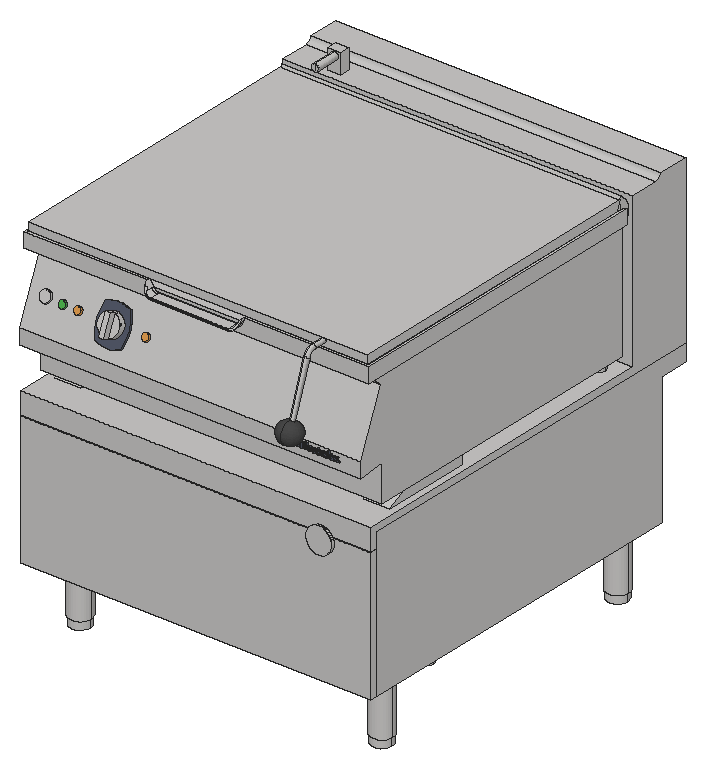
Revit family "QF_ELECTROLUXPROFESSIONAL_391146_E9BREHDOFM", category Specialty Equipment, Revit 2018 (continued)
Automatic sketch dimensions
  Extrusion 32 sketch curve to Extrusion 32 sketch curve = 2.692 mm
  Extrusion 32 sketch curve to Extrusion 32 sketch curve = 1.259 mm
  plane 16 to Extrusion 32 sketch curve = 8.718 mm
  Extrusion 32 sketch curve to Extrusion 32 sketch curve = 0.802 mm
  Extrusion 32 sketch curve to Extrusion 32 sketch curve = 1.024 mm  (x2)
  Extrusion 32 sketch curve to Extrusion 32 sketch curve = 0.682 mm
  Extrusion 32 sketch curve to Extrusion 32 sketch curve = 5.934 mm
  Extrusion 32 sketch curve to Extrusion 32 sketch curve = 2.186 mm
  Extrusion 32 sketch curve to Extrusion 32 sketch curve = 0.337 mm
  Extrusion 32 sketch curve to Extrusion 32 sketch curve = 0.021 mm
  Extrusion 32 sketch curve to Extrusion 32 sketch curve = 1.005 mm
  Extrusion 32 sketch curve to Extrusion 32 sketch curve = 0.552 mm
  Extrusion 32 sketch curve to Extrusion 32 sketch curve = 0.778 mm
  Extrusion 32 sketch curve to Extrusion 32 sketch curve = 0.063 mm
  Extrusion 32 sketch curve to Extrusion 32 sketch curve = 1.023 mm
  Extrusion 32 sketch curve to Extrusion 32 sketch curve = 3.804 mm
  Extrusion 32 sketch curve to Extrusion 32 sketch curve = 0.486 mm
  Extrusion 32 sketch curve to Extrusion 32 sketch curve = 0.266 mm
  Extrusion 32 sketch curve to Extrusion 32 sketch curve = 1.547 mm
  Extrusion 32 sketch curve to Extrusion 32 sketch curve = 0.717 mm  (x2)
  Extrusion 32 sketch curve to Extrusion 32 sketch curve = 1.667 mm
  plane 16 to Extrusion 32 sketch curve = 13.045 mm
  Extrusion 32 sketch curve to Extrusion 32 sketch curve = 3.174 mm
  Extrusion 32 sketch curve to Extrusion 32 sketch curve = 0.388 mm
  Extrusion 32 sketch curve to Extrusion 32 sketch curve = 1.342 mm
  plane 16 to Extrusion 32 sketch curve = 7.442 mm
  Extrusion 32 sketch curve to Extrusion 32 sketch curve = 1.521 mm
  plane 16 to Extrusion 32 sketch curve = 5.883 mm
  Extrusion 32 sketch curve to Extrusion 32 sketch curve = 0.124 mm
  Extrusion 32 sketch curve to Extrusion 32 sketch curve = 0.291 mm
  plane 16 to Extrusion 32 sketch curve = 50.292 mm
  Extrusion 32 sketch curve to Extrusion 32 sketch curve = 1.049 mm  (x2)
  plane 16 to Extrusion 32 sketch curve = 9.909 mm
  Extrusion 32 sketch curve to Extrusion 32 sketch curve = 1.7 mm
  Extrusion 32 sketch curve to Extrusion 32 sketch curve = 0.894 mm
  Extrusion 32 sketch curve to Extrusion 32 sketch curve = 0.989 mm
  Extrusion 32 sketch curve to Extrusion 32 sketch curve = 1.168 mm
  Extrusion 32 sketch curve to Extrusion 32 sketch curve = 1.594 mm
  Extrusion 32 sketch curve to Extrusion 32 sketch curve = 0.731 mm
  Extrusion 32 sketch curve to Extrusion 32 sketch curve = 1.566 mm
  Extrusion 32 sketch curve to Extrusion 32 sketch curve = 0.064 mm
  plane 16 to Extrusion 32 sketch curve = 49.735 mm
  Extrusion 32 sketch curve to Extrusion 32 sketch curve = 0.556 mm
  Extrusion 32 sketch curve to Extrusion 32 sketch curve = 0.48 mm
  Extrusion 32 sketch curve to Extrusion 32 sketch curve = 1.018 mm
  plane 16 to Extrusion 32 sketch curve = 20.148 mm
  Extrusion 32 sketch curve to Extrusion 32 sketch curve = 0.787 mm
  Extrusion 32 sketch curve to Extrusion 32 sketch curve = 0.618 mm
  plane 16 to Extrusion 32 sketch curve = 15.091 mm
  Extrusion 32 sketch curve to Extrusion 32 sketch curve = 1.672 mm
  plane 16 to Extrusion 32 sketch curve = 4.14 mm
  Extrusion 32 sketch curve to Extrusion 32 sketch curve = 1.361 mm
  Extrusion 32 sketch curve to Extrusion 32 sketch curve = 0.822 mm
  Extrusion 32 sketch curve to Extrusion 32 sketch curve = 0.069 mm
  Extrusion 32 sketch curve to Extrusion 32 sketch curve = 1.88 mm
  plane 16 to Extrusion 32 sketch curve = 22.307 mm
  Extrusion 32 sketch curve to Extrusion 32 sketch curve = 0.42 mm
  Extrusion 32 sketch curve to Extrusion 32 sketch curve = 0.062 mm
  Extrusion 32 sketch curve to Extrusion 32 sketch curve = 1.355 mm
  Extrusion 32 sketch curve to Extrusion 32 sketch curve = 2.34 mm
  Extrusion 32 sketch curve to Extrusion 32 sketch curve = 0.493 mm
  Extrusion 32 sketch curve to Extrusion 32 sketch curve = 0.136 mm
  Extrusion 32 sketch curve to Extrusion 32 sketch curve = 0.128 mm
  Extrusion 32 sketch curve to Extrusion 32 sketch curve = 3.616 mm
  Extrusion 32 sketch curve to Extrusion 32 sketch curve = 4.207 mm
  Extrusion 32 sketch curve to Extrusion 32 sketch curve = 0.183 mm
  Extrusion 32 sketch curve to Extrusion 32 sketch curve = 0.895 mm
  Extrusion 32 sketch curve to Extrusion 32 sketch curve = 1.314 mm
  Extrusion 32 sketch curve to Extrusion 32 sketch curve = 3.231 mm
  Extrusion 32 sketch curve to Extrusion 32 sketch curve = 1.299 mm
  Extrusion 32 sketch curve to Extrusion 32 sketch curve = 1.214 mm
  plane 16 to Extrusion 32 sketch curve = 31.208 mm
  Extrusion 32 sketch curve to Extrusion 32 sketch curve = 1.264 mm
  Extrusion 32 sketch curve to Extrusion 32 sketch curve = 0.109 mm
  Extrusion 32 sketch curve to Extrusion 32 sketch curve = 0.357 mm
  Extrusion 32 sketch curve to Extrusion 32 sketch curve = 0.565 mm
  Extrusion 32 sketch curve to Extrusion 32 sketch curve = 2.504 mm
  Extrusion 32 sketch curve to Extrusion 32 sketch curve = 2.459 mm
  Extrusion 32 sketch curve to Extrusion 32 sketch curve = 0.983 mm
  Extrusion 32 sketch curve to Extrusion 32 sketch curve = 0.422 mm  (x2)
  Extrusion 32 sketch curve to Extrusion 32 sketch curve = 1.268 mm
  Extrusion 32 sketch curve to Extrusion 32 sketch curve = 0.671 mm
  Extrusion 32 sketch curve to Extrusion 32 sketch curve = 1.634 mm
  Extrusion 32 sketch curve to Extrusion 32 sketch curve = 0.132 mm
  Extrusion 32 sketch curve to Extrusion 32 sketch curve = 0.586 mm
  Extrusion 32 sketch curve to Extrusion 32 sketch curve = 1.241 mm
  Extrusion 32 sketch curve to Extrusion 32 sketch curve = 1.689 mm
  Extrusion 32 sketch curve to Extrusion 32 sketch curve = 0.627 mm
  Extrusion 32 sketch curve to Extrusion 32 sketch curve = 0.419 mm
  Extrusion 32 sketch curve to Extrusion 32 sketch curve = 1.514 mm
  Extrusion 32 sketch curve to Extrusion 32 sketch curve = 1.019 mm
  Extrusion 32 sketch curve to Extrusion 32 sketch curve = 0.065 mm
  Extrusion 32 sketch curve to Extrusion 32 sketch curve = 1.215 mm
  Extrusion 32 sketch curve to Extrusion 32 sketch curve = 1.122 mm
  Extrusion 32 sketch curve to Extrusion 32 sketch curve = 1.153 mm
  Extrusion 32 sketch curve to Extrusion 32 sketch curve = 1.223 mm
  Extrusion 32 sketch curve to Extrusion 32 sketch curve = 0.934 mm
  Extrusion 32 sketch curve to Extrusion 32 sketch curve = 3.376 mm
  Extrusion 32 sketch curve to Extrusion 32 sketch curve = 0.222 mm
  Extrusion 32 sketch curve to Extrusion 32 sketch curve = 1.383 mm
  Extrusion 32 sketch curve to Extrusion 32 sketch curve = 1.556 mm
  Extrusion 32 sketch curve to Extrusion 32 sketch curve = 2.559 mm
  Extrusion 32 sketch curve to Extrusion 32 sketch curve = 2.51 mm
  Extrusion 32 sketch curve to Extrusion 32 sketch curve = 0.131 mm
  Extrusion 32 sketch curve to Extrusion 32 sketch curve = 1.134 mm
  Extrusion 32 sketch curve to Extrusion 32 sketch curve = 0.366 mm
  Extrusion 32 sketch curve to Extrusion 32 sketch curve = 0.094 mm
  Extrusion 32 sketch curve to Extrusion 32 sketch curve = 1.584 mm
  Extrusion 32 sketch curve to Extrusion 32 sketch curve = 1.501 mm
  Extrusion 32 sketch curve to Extrusion 32 sketch curve = 0.27 mm
  Extrusion 32 sketch curve to Extrusion 32 sketch curve = 1.808 mm
  Extrusion 32 sketch curve to Extrusion 32 sketch curve = 0.643 mm
  Extrusion 32 sketch curve to Extrusion 32 sketch curve = 0.916 mm
  Extrusion 32 sketch curve to Extrusion 32 sketch curve = 0.352 mm
  Extrusion 32 sketch curve to Extrusion 32 sketch curve = 0.458 mm
  Extrusion 32 sketch curve to Extrusion 32 sketch curve = 1.282 mm
  Extrusion 32 sketch curve to Extrusion 32 sketch curve = 1.363 mm
  Extrusion 32 sketch curve to Extrusion 32 sketch curve = 0.685 mm
  Extrusion 32 sketch curve to Extrusion 32 sketch curve = 0.905 mm
  Extrusion 32 sketch curve to Extrusion 32 sketch curve = 2.865 mm
  Extrusion 32 sketch curve to Extrusion 32 sketch curve = 0.472 mm
  Extrusion 32 sketch curve to Extrusion 32 sketch curve = 0.101 mm
  Extrusion 32 sketch curve to Extrusion 32 sketch curve = 0.54 mm
  Extrusion 32 sketch curve to Extrusion 32 sketch curve = 0.02 mm
  Extrusion 32 sketch curve to Extrusion 32 sketch curve = 0.468 mm
  Extrusion 32 sketch curve to Extrusion 32 sketch curve = 0.829 mm
  Extrusion 32 sketch curve to Extrusion 32 sketch curve = 0.582 mm
  Extrusion 32 sketch curve to Extrusion 32 sketch curve = 0.166 mm
  Extrusion 32 sketch curve to Extrusion 32 sketch curve = 0.16 mm
  Extrusion 32 sketch curve to Extrusion 32 sketch curve = 2.781 mm
  Extrusion 32 sketch curve to Extrusion 32 sketch curve = 1.118 mm
  Extrusion 32 sketch curve to Extrusion 32 sketch curve = 0.613 mm
  Extrusion 32 sketch curve to Extrusion 32 sketch curve = 0.781 mm
  Extrusion 32 sketch curve to Extrusion 32 sketch curve = 0.361 mm
  Extrusion 32 sketch curve to Extrusion 32 sketch curve = 0.897 mm
  Extrusion 32 sketch curve to Extrusion 32 sketch curve = 0.167 mm
  Extrusion 32 sketch curve to Extrusion 32 sketch curve = 0.292 mm
  Extrusion 32 sketch curve to Extrusion 32 sketch curve = 0.305 mm
  Extrusion 32 sketch curve to Extrusion 32 sketch curve = 1.557 mm
  Extrusion 32 sketch curve to Extrusion 32 sketch curve = 2.499 mm
  Extrusion 32 sketch curve to Extrusion 32 sketch curve = 3.062 mm
  Extrusion 32 sketch curve to Extrusion 32 sketch curve = 2.968 mm
  Extrusion 32 sketch curve to Extrusion 32 sketch curve = 5.044 mm
  Extrusion 32 sketch curve to Extrusion 32 sketch curve = 0.629 mm  (x2)
  Extrusion 32 sketch curve to Extrusion 32 sketch curve = 1.131 mm
  Extrusion 32 sketch curve to Extrusion 32 sketch curve = 0.137 mm
  Extrusion 32 sketch curve to Extrusion 32 sketch curve = 0.027 mm
  Extrusion 32 sketch curve to Extrusion 32 sketch curve = 2.046 mm
  Extrusion 32 sketch curve to Extrusion 32 sketch curve = 2.235 mm
  Extrusion 33 sketch curve to Sweep 5 = 0 mm  (x2)
  Extrusion 33 sketch curve to Sweep 5 = 0.006 mm
  Extrusion 33 sketch curve to Sweep 5 = 220 mm
  Sweep 5 to Extrusion 33 sketch curve = 0.004 mm
  Extrusion 33 sketch curve to Sweep 5 = 7.312 mm
  Sweep 5 to Extrusion 33 sketch curve = 12.672 mm
  Sweep 5 to Extrusion 33 sketch curve = 4.465 mm
  Extrusion 33 sketch curve to Extrusion 33 sketch curve = 14.214 mm
  Extrusion 33 sketch curve to Extrusion 33 sketch curve = 21.526 mm
  Sweep 5 to Extrusion 33 sketch curve = 12.678 mm
  Extrusion 33 sketch curve to Extrusion 33 sketch curve = 7.323 mm
  curve 52 to plane 7 "Center Y" = 104.586 mm
  curve 52 to curve 2 = 14.792 mm
  curve 2 to curve 45 = 54.848 mm
  curve 45 to curve 52 = 17.07 mm
  curve 52 to curve 1 = 11.572 mm
  curve 44 to curve 44 = 17.07 mm
  plane 14 to curve 12 = 62.192 mm
  plane 14 to curve 32 = 61.843 mm
  curve 13 to curve 26 = 5.816 mm
  curve 26 to curve 13 = 7.309 mm
  curve 6 to curve 11 = 4.184 mm
  Sweep 5 sketch curve to plane 7 "Center Y" = 110 mm
  curve 57 to plane 7 "Center Y" = 86.566 mm
  curve 57 to curve 56 = 11.953 mm
  curve 56 to curve 50 = 23.021 mm
  curve 47 to curve 46 = 17.109 mm
  curve 46 to curve 51 = 23.335 mm
  curve 46 to curve 49 = 5.786 mm  (x2)
  curve 51 to plane 5 "FRONT" = 8.041 mm
  plane 14 to curve 35 = 56.375 mm
  curve 35 to curve 34 = 16.25 mm
  Extrusion 20 sketch curve to plane 7 "Center Y" = 88.474 mm
  plane 14 to Extrusion 22 sketch curve = 117.656 mm
  Extrusion 22 sketch curve to Extrusion 22 sketch curve = 2.119 mm
  Extrusion 22 sketch curve to Extrusion 22 sketch curve = 28.523 mm
  Extrusion 22 sketch curve to Extrusion 22 sketch curve = 30.616 mm
  plane 14 to Extrusion 23 sketch curve = 67.623 mm
  plane 14 to Extrusion 24 sketch curve = 32.319 mm
  plane 14 to Extrusion 25 sketch curve = 147.917 mm
  Extrusion 28 sketch curve to plane 7 "Center Y" = 122.377 mm
  plane 9 "Base" to Revolve 1 sketch curve = 20 mm
  plane 9 "Base" to Revolve 2 sketch curve = 20 mm
  Revolve 13 sketch curve to Revolve 13 sketch curve = 20 mm
  plane 9 "Base" to Revolve 14 sketch curve = 20 mm
  plane 7 "Center Y" to curve 53 = 119.371 mm
  plane 22 to Extrusion 7 sketch curve = 83.682 mm
  plane 22 to Extrusion 19 sketch curve = 83.682 mm
  radius of Extrusion 8 sketch curve = 15 mm  (x2)
  radius of Sweep 15 sketch curve = 5 mm
  radius of Extrusion 17 sketch curve = 12.7 mm
  radius of Extrusion 18 sketch curve = 30 mm
  radius of Extrusion 23 sketch curve = 8 mm
  radius of Extrusion 24 sketch curve = 8 mm
  radius of Extrusion 25 sketch curve = 25.4 mm
  radius of Extrusion 26 sketch curve to Extrusion 25 = 0 mm  (x2)
  radius of Extrusion 27 sketch curve = 12.7 mm
  radius of Extrusion 28 sketch curve = 8 mm
  radius of Sweep 30 sketch curve = 5 mm
  radius of Extrusion 34 sketch curve = 9.525 mm
  radius of Extrusion 35 sketch curve = 6.35 mm
Connectors
  piping at (389, -760.182, 325), diameter 19
    settings: on Extrusion 34, index 1, connector inside diameter 0.74803", connector length 0 mm, flow factor 0, pipe flow 0 GPM, pressure drop 0.00 psi, fitting loss kfactor 0, connector angle 0.00°, fixture units 0, engagement length 0 mm, angle of deflection 0.00°, flow configuration 1, flow direction 1, fitting loss method 0, system type 20, joint type 0, gender type 0, connector reference index -1, connector utility 0, adjustable connector no, is connector primary yes, connector description "COLD WATER INLET"
  electrical at (340, -702.182, 220), driven by "Volts", driven by "Watts"
    settings: on Extrusion 35, index 2, voltage 400 V, apparent load 13000 VA, apparent load phase1 0 VA, apparent load phase2 0 VA, apparent load phase3 0 VA, power factor 1, load classification "Other", number of poles 1, system type 30, power factor state 1, is connector primary yes, connector utility no, sub classification motor no, connector description "ELECTRICAL CONNECTION"
